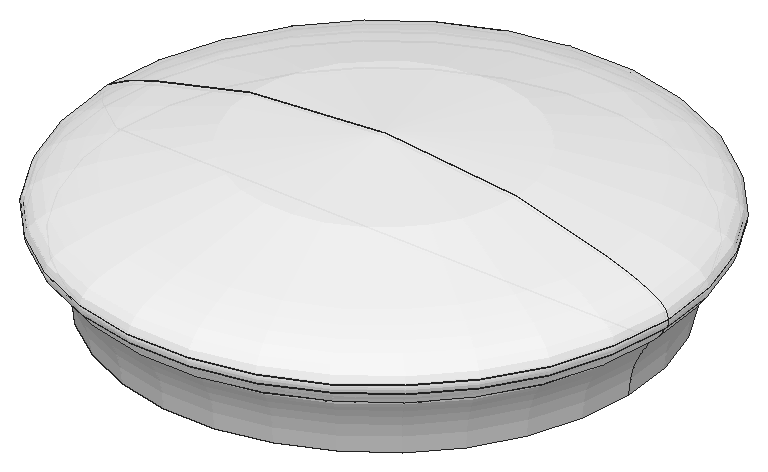
Revit family "0043409", category Lighting Devices, host Face, Revit 2023 (continued)
Definition of nested family "0043409_4000K_25W_lightsource"
  Parameters (values of type "START SURFACE IP54 2500-4000 830/840 lightsource")
    built-in parameter 1150142 = "IESNA:LM-63-2002\r\n[TEST] 20231016003M-01\r\n[TESTLAB] \r\n[TESTDATE] 16 Oct 2023\r\n[ISSUEDATE] 16 Oct 2023\r\n[MANUFAC] SYLVANIA\r\n[LUMCAT] 0043409\r\n[LUMINAIRE] START Surface IP44 Multip 4000lm 830 840-4000K 3µµ\r\n[FLASHAREA] 0.030401\r\n[LAMPCAT] LED\r\n[LAMP] LED\r\nTILT=NONE\r\n1 3000.00 1.0 181 4 1 2 -0.400 -0.400 0.000\r\n1.00 1.00 25.00\r\n0.00 1.00 2.00 3.00 4.00 5.00 6.00 7.00 8.00 9.00 10.00 \r\n11.00 12.00 13.00 14.00 15.00 16.00 17.00 18.00 19.00 \r\n20.00 21.00 22.00 23.00 24.00 25.00 26.00 27.00 28.00 \r\n29.00 30.00 31.00 32.00 33.00 34.00 35.00 36.00 37.00 \r\n38.00 39.00 40.00 41.00 42.00 43.00 44.00 45.00 46.00 \r\n47.00 48.00 49.00 50.00 51.00 52.00 53.00 54.00 55.00 \r\n56.00 57.00 58.00 59.00 60.00 61.00 62.00 63.00 64.00 \r\n65.00 66.00 67.00 68.00 69.00 70.00 71.00 72.00 73.00 \r\n74.00 75.00 76.00 77.00 78.00 79.00 80.00 81.00 82.00 \r\n83.00 84.00 85.00 86.00 87.00 88.00 89.00 90.00 91.00 \r\n92.00 93.00 94.00 95.00 96.00 97.00 98.00 99.00 100.00 \r\n101.00 102.00 103.00 104.00 105.00 106.00 107.00 108.00 \r\n109.00 110.00 111.00 112.00 113.00 114.00 115.00 116.00 \r\n117.00 118.00 119.00 120.00 121.00 122.00 123.00 124.00 \r\n125.00 126.00 127.00 128.00 129.00 130.00 131.00 132.00 \r\n133.00 134.00 135.00 136.00 137.00 138.00 139.00 140.00 \r\n141.00 142.00 143.00 144.00 145.00 146.00 147.00 148.00 \r\n149.00 150.00 151.00 152.00 153.00 154.00 155.00 156.00 \r\n157.00 158.00 159.00 160.00 161.00 162.00 163.00 164.00 \r\n165.00 166.00 167.00 168.00 169.00 170.00 171.00 172.00 \r\n173.00 174.00 175.00 176.00 177.00 178.00 179.00 180.00 \r\n0.00 30.00 60.00 90.00 \r\n719.70 719.70 719.40 719.10 718.80 718.20 717.30 716.70 \r\n715.50 714.30 712.80 711.30 709.80 708.00 705.90 703.50 \r\n701.10 698.40 695.70 692.70 689.40 686.10 682.50 678.90 \r\n675.30 671.10 666.90 662.40 657.30 652.50 647.40 642.00 \r\n636.30 630.60 624.90 618.60 612.30 606.00 599.10 592.20 \r\n585.60 578.70 570.90 563.10 555.00 546.90 538.80 530.10 \r\n521.40 512.40 503.40 493.80 484.50 474.90 465.00 455.10 \r\n444.90 434.70 424.20 414.30 403.50 392.70 382.20 371.10 \r\n360.60 349.50 338.70 327.60 316.80 305.70 294.99 284.37 \r\n273.54 262.89 252.57 242.31 232.17 222.39 212.91 203.49 \r\n194.40 185.79 177.36 169.29 161.46 154.02 146.79 139.92 \r\n133.44 127.35 121.86 116.67 112.08 107.58 103.65 99.96 \r\n96.51 93.39 90.57 87.90 85.50 83.40 81.51 79.77 78.24 \r\n76.80 75.54 74.55 73.59 72.75 71.88 71.04 70.29 69.51 \r\n68.70 67.95 67.17 66.42 65.61 64.86 64.14 63.36 62.52 \r\n61.59 60.66 59.70 58.74 57.75 56.79 55.80 54.78 53.79 \r\n52.68 51.60 50.49 49.50 48.45 47.40 46.29 45.15 44.04 \r\n42.90 41.64 40.44 39.45 38.52 37.65 36.78 35.82 34.98 \r\n34.08 33.24 32.43 31.77 31.14 30.48 30.42 30.54 30.42 \r\n29.71 28.87 27.95 27.27 26.52 25.64 24.81 23.93 22.60 \r\n21.33 20.09 18.71 17.13 15.24 12.99 11.18 9.78 8.88 7.24 \r\n5.67 5.66 5.66 \r\n719.70 719.70 719.40 719.10 718.80 718.20 717.60 716.70 \r\n715.80 714.30 713.10 711.90 710.10 708.30 706.20 704.10 \r\n701.40 699.00 696.30 693.30 690.30 687.00 683.40 679.80 \r\n675.90 672.00 667.50 663.00 658.20 653.40 648.30 642.90 \r\n637.50 631.80 625.80 619.80 613.50 606.90 600.30 593.10 \r\n586.20 578.70 571.20 563.40 555.30 547.20 538.50 530.10 \r\n521.40 512.40 503.40 493.80 484.50 474.90 465.30 455.10 \r\n445.20 435.00 424.50 414.60 404.10 393.30 382.50 371.70 \r\n360.90 350.10 339.00 327.90 317.10 306.00 295.65 285.30 \r\n274.95 264.48 253.89 243.93 234.06 224.49 215.04 205.74 \r\n196.80 188.16 179.67 171.30 163.26 155.55 147.96 140.88 \r\n134.31 128.19 122.52 117.39 112.59 108.24 104.25 100.50 \r\n97.17 94.11 91.26 88.62 86.28 84.24 82.26 80.43 78.87 \r\n77.43 76.11 75.03 73.98 72.99 72.09 71.34 70.65 70.02 \r\n69.45 68.91 68.40 67.86 67.35 66.84 66.36 65.85 65.28 \r\n64.74 64.20 63.66 63.12 62.58 62.01 61.44 60.90 60.33 \r\n59.70 59.01 58.26 57.48 56.70 55.83 54.96 54.03 53.13 \r\n52.20 51.24 50.28 49.32 48.39 47.40 46.47 45.60 44.85 \r\n44.07 43.08 41.97 40.95 39.84 38.16 36.66 35.31 34.02 \r\n32.82 31.62 30.48 29.19 27.93 26.56 25.34 24.21 22.96 \r\n21.61 19.85 18.02 16.13 14.52 14.05 12.23 10.08 8.35 6.23 \r\n5.75 5.73 5.70 \r\n719.70 720.00 719.70 719.70 719.10 718.50 717.90 717.30 \r\n716.40 715.20 714.30 712.80 711.30 709.80 707.70 705.60 \r\n703.50 701.10 698.10 695.40 692.40 689.10 685.80 682.20 \r\n678.60 674.70 670.50 666.30 661.50 656.70 651.60 646.20 \r\n641.10 635.40 629.70 623.40 617.40 611.10 604.50 597.60 \r\n590.70 583.80 577.20 569.40 561.30 553.20 544.80 536.40 \r\n527.70 519.00 509.70 500.40 491.10 481.50 471.90 461.70 \r\n451.80 441.60 431.40 421.20 410.70 400.20 389.40 378.30 \r\n367.80 356.70 345.90 334.80 324.00 313.20 302.10 291.36 \r\n280.62 269.97 259.74 249.51 239.73 229.98 220.71 211.44 \r\n202.32 193.65 184.80 176.31 167.79 159.57 151.53 143.97 \r\n137.16 130.65 124.71 119.19 114.15 109.50 105.18 101.34 \r\n97.71 94.41 91.50 88.77 86.25 84.00 82.02 80.16 78.51 \r\n76.92 75.57 74.40 73.32 72.36 71.43 70.65 69.90 69.18 \r\n68.58 67.98 67.41 66.90 66.36 65.85 65.34 64.86 64.38 \r\n63.84 63.39 62.91 62.43 61.92 61.41 60.96 60.51 60.06 \r\n59.55 58.98 58.32 57.63 56.88 56.07 55.29 54.42 53.46 \r\n52.50 51.51 50.52 49.53 48.51 47.49 46.47 45.45 44.40 \r\n43.47 42.57 41.70 40.71 39.60 38.19 36.60 34.83 32.91 \r\n31.23 29.95 28.96 28.13 27.10 25.85 24.32 22.63 20.93 \r\n19.29 17.66 16.06 14.94 14.25 14.21 12.87 9.77 7.40 6.20 \r\n5.67 5.67 5.67 \r\n719.70 719.70 719.70 719.70 719.40 718.80 718.20 717.60 \r\n716.70 715.80 714.90 713.40 711.90 710.40 708.60 706.50 \r\n704.40 701.70 699.30 696.60 693.60 690.30 687.30 683.70 \r\n680.10 676.20 672.00 667.50 663.00 658.50 653.40 648.30 \r\n642.90 637.50 631.80 625.80 619.50 613.20 606.60 599.70 \r\n592.80 585.60 578.10 570.30 562.50 554.40 546.30 537.90 \r\n529.20 520.50 511.50 501.90 492.60 483.00 473.40 463.80 \r\n453.90 443.70 433.20 423.00 412.50 402.00 391.20 380.10 \r\n369.60 358.80 347.70 336.60 325.80 314.70 303.90 293.40 \r\n282.96 272.79 262.14 251.88 241.71 232.05 222.78 213.60 \r\n204.81 195.99 187.32 178.59 170.19 161.88 153.63 145.74 \r\n138.60 131.94 125.61 119.79 114.66 109.86 105.39 101.40 \r\n97.59 94.23 91.11 88.23 85.56 83.22 81.12 79.17 77.37 \r\n75.84 74.40 73.14 72.03 70.98 69.93 68.97 68.13 67.35 \r\n66.54 65.64 64.92 64.14 63.45 62.61 61.77 60.93 60.09 \r\n59.22 58.38 57.48 56.55 55.62 54.66 53.76 52.89 52.02 \r\n51.12 50.31 49.50 48.78 48.00 47.22 46.53 45.75 44.97 \r\n44.19 43.32 42.18 41.01 39.84 38.67 37.56 36.54 35.64 \r\n34.65 33.78 32.85 31.86 30.96 30.06 29.13 28.22 27.29 \r\n26.21 25.30 24.30 23.29 22.34 21.26 20.26 19.50 18.95 \r\n18.03 16.73 15.24 13.57 12.62 12.83 12.11 10.24 8.22 6.63 \r\n5.73 5.69 5.67 \r\n"
    Model = "START SURFACE IP54 2500-4000 830/840 lightsource"
    Manufacturer = "Feilo Sylvania"
    built-in parameter 1150105 = 238.73 (stored number, unit not read)
    Lumens = 3000 lm
    built-in parameter 1150115 = 1 (stored number, unit not read)
    built-in parameter 1150137 = (empty or 0)
    built-in parameter 1150139 = (empty or 0)
    built-in parameter 1150112 = 1 (stored number, unit not read)
    built-in parameter 1150114 = 1 (stored number, unit not read)
    Lamp = "LED"
    Keynote = "16500"
    built-in parameter 1150132 = (empty or 0)
    built-in parameter 1150102 = 120
    built-in parameter 1150107 = 4000 (stored number, unit not read)
    built-in parameter 1150138 = (empty or 0)
    built-in parameter 1150106 = 2.3873 (stored number, unit not read)
    Emit from Circle Diameter = 400 mm  # constant formula
    Emit Shape Visible in Rendering = no
    built-in parameter 1150104 = 11.148 (stored number, unit not read)
    Dimming Lamp Color Temperature Shift = (empty or 0)
    Description = ""
    Default Elevation = 1219.2 mm
    Cost = 0
    Color Filter = 16777215
    built-in parameter 1114216 [instance] = (empty or 0)
    built-in parameter 1114218 = 1 (stored number, unit not read)
    built-in parameter 1150133 = 10 (stored number, unit not read)
    Assembly Code = "D5020200"
    Apparent Load = 0 VA
  Reference planes
    plane 1 "Center (Front/Back)": y = 0
    plane 2: z = 0
    plane 3 "Center (Left/Right)": x = 0
  Forms (mm)
    Extrusion 1, solid
      sketch origin (4.2, 0, 0) x (1, 0, 0) y (0, 1, 0)
        loop
          line (-1219.2, 1219.2) -> (-1219.2, -1219.2) -> (1219.2, -1219.2) -> (1219.2, 1219.2) -> (-1219.2, 1219.2)
      from 0 to -68.017
  Dimensions and locks
    aligned and locked: plane 2 to Extrusion 1
    aligned and locked: level to Extrusion 1
Definition of nested family "0043409_4000K_29W_lightsource"
  Parameters (values of type "START SURFACE IP54 2500-4000 830/840 lightsource")
    Wattage Comments = "n/a"
    Wattage = 29 W
    built-in parameter 1150110 = 1 (stored number, unit not read)
    URL = "http://www.sylvania-lighting.com"
    Type Image = (empty or 0)
    Type Comments = "n/a"
    built-in parameter 1114217 = 1 (stored number, unit not read)
    Tilt Angle = -90.00°
    built-in parameter 1150109 = 1 (stored number, unit not read)
    built-in parameter 1150134 = 12
    built-in parameter 1150113 = 1 (stored number, unit not read)
    Photometric Web File = "0043409_4000K_29W.IES"
    built-in parameter 1150142 = "IESNA:LM-63-2002\r\n[TEST] 20231016003M-01\r\n[TESTLAB] \r\n[TESTDATE] 16 Oct 2023\r\n[ISSUEDATE] 16 Oct 2023\r\n[MANUFAC] SYLVANIA\r\n[LUMCAT] 0043409\r\n[LUMINAIRE] START Surface IP44 Multip 4000lm 830 840-4000K-2µµ\r\n[FLASHAREA] 0.030401\r\n[LAMPCAT] LED\r\n[LAMP] LED\r\nTILT=NONE\r\n1 3500.00 1.0 181 4 1 2 -0.400 -0.400 0.000\r\n1.00 1.00 29.00\r\n0.00 1.00 2.00 3.00 4.00 5.00 6.00 7.00 8.00 9.00 10.00 \r\n11.00 12.00 13.00 14.00 15.00 16.00 17.00 18.00 19.00 \r\n20.00 21.00 22.00 23.00 24.00 25.00 26.00 27.00 28.00 \r\n29.00 30.00 31.00 32.00 33.00 34.00 35.00 36.00 37.00 \r\n38.00 39.00 40.00 41.00 42.00 43.00 44.00 45.00 46.00 \r\n47.00 48.00 49.00 50.00 51.00 52.00 53.00 54.00 55.00 \r\n56.00 57.00 58.00 59.00 60.00 61.00 62.00 63.00 64.00 \r\n65.00 66.00 67.00 68.00 69.00 70.00 71.00 72.00 73.00 \r\n74.00 75.00 76.00 77.00 78.00 79.00 80.00 81.00 82.00 \r\n83.00 84.00 85.00 86.00 87.00 88.00 89.00 90.00 91.00 \r\n92.00 93.00 94.00 95.00 96.00 97.00 98.00 99.00 100.00 \r\n101.00 102.00 103.00 104.00 105.00 106.00 107.00 108.00 \r\n109.00 110.00 111.00 112.00 113.00 114.00 115.00 116.00 \r\n117.00 118.00 119.00 120.00 121.00 122.00 123.00 124.00 \r\n125.00 126.00 127.00 128.00 129.00 130.00 131.00 132.00 \r\n133.00 134.00 135.00 136.00 137.00 138.00 139.00 140.00 \r\n141.00 142.00 143.00 144.00 145.00 146.00 147.00 148.00 \r\n149.00 150.00 151.00 152.00 153.00 154.00 155.00 156.00 \r\n157.00 158.00 159.00 160.00 161.00 162.00 163.00 164.00 \r\n165.00 166.00 167.00 168.00 169.00 170.00 171.00 172.00 \r\n173.00 174.00 175.00 176.00 177.00 178.00 179.00 180.00 \r\n0.00 30.00 60.00 90.00 \r\n836.50 836.15 836.15 835.80 835.10 834.40 834.05 833.00 \r\n831.95 830.55 828.80 827.05 825.30 823.20 821.10 818.30 \r\n815.85 812.70 809.55 806.40 802.55 798.70 794.85 790.65 \r\n786.45 781.55 776.65 771.40 766.15 760.20 754.60 748.30 \r\n742.00 735.70 728.70 721.70 714.35 706.65 698.95 691.25 \r\n682.85 674.45 665.70 656.60 647.50 638.05 628.60 619.15 \r\n609.00 599.20 589.40 578.20 567.35 556.50 544.95 533.75 \r\n521.85 510.30 498.40 486.15 473.90 461.65 449.40 436.80 \r\n424.20 411.60 399.00 386.05 373.45 360.85 348.18 335.72 \r\n323.26 310.90 298.65 286.62 274.71 263.31 251.96 240.94 \r\n230.34 220.22 210.21 200.62 191.31 182.59 174.13 165.83 \r\n158.24 150.92 144.41 138.11 132.54 127.19 122.47 117.98 \r\n113.89 110.18 106.68 103.46 100.66 98.04 95.66 93.59 \r\n91.77 90.09 88.55 87.19 86.00 84.91 83.96 83.02 82.08 \r\n81.20 80.25 79.31 78.40 77.49 76.58 75.70 74.73 73.78 \r\n72.83 71.79 70.77 69.65 68.53 67.38 66.29 65.10 63.91 \r\n62.72 61.50 60.20 58.98 57.75 56.56 55.30 54.00 52.75 \r\n51.45 50.12 48.69 47.22 46.06 45.01 44.00 42.95 41.90 \r\n40.84 39.87 38.88 37.98 37.24 36.47 35.73 35.56 35.66 \r\n35.59 34.78 33.77 32.80 32.00 31.12 30.08 29.10 28.05 \r\n26.52 25.03 23.55 21.95 20.04 17.86 15.20 13.15 11.50 \r\n10.44 8.50 6.62 6.62 6.62 \r\n836.50 836.15 836.15 835.80 835.45 834.75 834.05 833.00 \r\n831.95 830.55 829.15 827.40 825.65 823.55 821.45 819.00 \r\n816.20 813.05 809.90 806.75 803.25 799.40 795.55 791.35 \r\n786.80 782.25 777.35 772.10 766.50 760.90 755.30 749.00 \r\n742.70 736.40 729.40 722.05 715.05 707.70 699.65 691.60 \r\n683.55 675.15 666.40 657.30 647.85 638.40 628.95 619.15 \r\n609.00 598.50 588.00 577.50 566.30 555.45 543.90 532.70 \r\n521.15 508.90 497.00 485.10 472.85 460.60 448.35 435.40 \r\n422.80 410.55 397.95 385.00 372.40 359.80 347.03 334.32 \r\n321.75 309.64 298.13 286.62 275.10 263.65 252.88 241.99 \r\n231.59 221.27 211.47 201.67 192.22 183.09 174.23 165.87 \r\n158.16 150.88 144.27 138.18 132.51 127.33 122.50 118.16 \r\n114.13 110.42 107.10 103.95 101.12 98.56 96.29 94.15 \r\n92.26 90.48 88.90 87.57 86.34 85.23 84.17 83.23 82.39 \r\n81.62 80.95 80.33 79.69 79.17 78.54 77.94 77.35 76.72 \r\n76.13 75.50 74.87 74.27 73.64 72.98 72.34 71.64 71.02 \r\n70.35 69.58 68.74 67.90 67.02 66.08 65.13 64.16 63.07 \r\n61.98 60.90 59.78 58.66 57.57 56.49 55.34 54.25 53.16 \r\n52.22 51.31 50.23 49.00 47.74 46.48 44.45 42.73 41.23 \r\n39.79 38.40 36.96 35.59 34.17 32.69 31.11 29.63 28.31 \r\n26.87 25.26 23.31 21.19 18.98 16.97 16.44 14.29 11.80 \r\n9.77 7.27 6.71 6.67 6.66 \r\n836.50 836.50 836.15 836.15 835.80 835.45 834.75 833.70 \r\n832.65 831.60 830.20 828.45 826.70 824.95 822.50 820.05 \r\n817.60 814.80 812.00 808.50 805.00 801.15 797.30 793.45 \r\n789.25 784.70 779.80 774.55 769.30 763.70 757.75 751.80 \r\n745.50 739.20 732.55 725.55 718.55 710.85 703.15 695.45 \r\n687.40 678.65 669.90 661.50 652.05 642.95 633.50 623.70 \r\n613.55 603.40 593.60 582.75 571.90 561.40 549.85 538.30 \r\n526.75 514.85 502.95 491.05 478.80 466.55 453.95 441.35 \r\n429.10 416.15 403.90 390.95 378.35 365.40 352.80 340.06 \r\n327.60 315.18 303.10 291.44 279.86 268.63 257.63 246.71 \r\n236.32 225.96 215.84 205.76 196.03 186.45 176.92 168.35 \r\n160.34 152.67 145.78 139.37 133.53 128.03 123.06 118.44 \r\n114.24 110.42 106.89 103.70 100.77 98.07 95.69 93.45 \r\n91.56 89.77 88.20 86.73 85.44 84.17 83.19 82.25 81.41 \r\n80.61 79.94 79.20 78.58 77.88 77.25 76.65 76.06 75.53 \r\n74.97 74.41 73.81 73.29 72.69 72.10 71.54 70.98 70.45 \r\n69.93 69.33 68.67 67.90 67.09 66.22 65.24 64.23 63.25 \r\n62.16 61.07 59.92 58.70 57.50 56.35 55.16 54.00 52.81 \r\n51.70 50.61 49.56 48.54 47.35 46.13 44.48 42.56 40.50 \r\n38.32 36.33 34.90 33.72 32.76 31.60 30.08 28.32 26.37 \r\n24.30 22.39 20.57 18.72 17.43 16.64 16.59 15.02 11.39 \r\n8.67 7.26 6.62 6.62 6.62 \r\n836.50 836.50 836.15 836.15 835.80 835.10 834.75 834.05 \r\n833.00 831.95 830.55 829.15 827.40 825.30 823.20 820.75 \r\n818.30 815.50 812.70 809.55 806.05 802.55 798.35 794.15 \r\n790.30 785.75 780.85 775.95 770.35 765.10 759.15 753.20 \r\n746.90 740.60 733.95 726.95 719.60 712.25 704.20 696.50 \r\n688.45 680.40 671.65 662.55 653.45 644.35 634.55 624.75 \r\n614.60 604.45 594.30 583.45 572.60 561.40 550.20 539.00 \r\n527.10 515.55 503.30 491.40 479.15 466.90 454.65 442.05 \r\n429.45 416.85 404.25 391.30 378.35 366.10 352.80 340.48 \r\n327.91 315.53 303.80 292.07 280.38 269.22 258.34 247.69 \r\n237.41 227.22 217.03 207.03 197.09 187.46 177.87 168.95 \r\n160.65 152.99 145.81 139.13 133.11 127.50 122.50 117.71 \r\n113.43 109.44 105.88 102.52 99.50 96.74 94.25 92.05 90.06 \r\n88.13 86.48 85.02 83.69 82.50 81.31 80.29 79.31 78.30 \r\n77.35 76.37 75.46 74.58 73.67 72.77 71.82 70.88 69.89 \r\n68.95 68.00 66.95 65.87 64.71 63.70 62.65 61.67 60.65 \r\n59.64 58.63 57.64 56.73 55.82 54.91 54.07 53.23 52.29 \r\n51.41 50.44 49.03 47.71 46.41 45.01 43.78 42.63 41.54 \r\n40.43 39.41 38.36 37.24 36.19 35.10 34.01 32.90 31.77 \r\n30.47 29.42 28.26 27.11 26.00 24.73 23.57 22.71 22.06 \r\n21.01 19.50 17.78 15.81 14.70 14.97 14.12 11.95 9.61 7.75 \r\n6.70 6.65 6.63 \r\n"
    Model = "START SURFACE IP54 2500-4000 830/840 lightsource"
    Manufacturer = "Feilo Sylvania"
    built-in parameter 1150105 = 276.93 (stored number, unit not read)
    Lumens = 3480 lm
    built-in parameter 1150115 = 1 (stored number, unit not read)
    built-in parameter 1150137 = (empty or 0)
    built-in parameter 1150139 = (empty or 0)
    built-in parameter 1150112 = 1 (stored number, unit not read)
    built-in parameter 1150114 = 1 (stored number, unit not read)
    Lamp = "LED"
    Keynote = "16500"
    built-in parameter 1150132 = (empty or 0)
    built-in parameter 1150102 = 120
    built-in parameter 1150107 = 4000 (stored number, unit not read)
    built-in parameter 1150138 = (empty or 0)
    built-in parameter 1150106 = 2.7693 (stored number, unit not read)
    Emit from Circle Diameter = 400 mm  # constant formula
    Emit Shape Visible in Rendering = no
    built-in parameter 1150104 = 11.148 (stored number, unit not read)
    Dimming Lamp Color Temperature Shift = (empty or 0)
    Description = ""
    Default Elevation = 1219.2 mm
    Cost = 0
    Color Filter = 16777215
    built-in parameter 1114216 [instance] = (empty or 0)
    built-in parameter 1114218 = 1 (stored number, unit not read)
    built-in parameter 1150133 = 10 (stored number, unit not read)
    Assembly Code = "D5020200"
    Apparent Load = 0 VA
  Reference planes
    plane 1 "Center (Front/Back)": y = 0
    plane 2: z = 0
    plane 3 "Center (Left/Right)": x = 0
  Forms (mm)
    Extrusion 1, solid
      sketch origin (4.2, 0, 0) x (1, 0, 0) y (0, 1, 0)
        loop
          line (-1219.2, 1219.2) -> (-1219.2, -1219.2) -> (1219.2, -1219.2) -> (1219.2, 1219.2) -> (-1219.2, 1219.2)
      from 0 to -68.017
  Dimensions and locks
    aligned and locked: plane 2 to Extrusion 1
    aligned and locked: level to Extrusion 1
Definition of nested family "0043409_4000K_33W_lightsource"
  Parameters (values of type "START SURFACE IP54 2500-4000 830/840 lightsource")
    Wattage Comments = "n/a"
    Wattage = 33 W
    built-in parameter 1150110 = 1 (stored number, unit not read)
    URL = "http://www.sylvania-lighting.com"
    Type Image = (empty or 0)
    Type Comments = "n/a"
    built-in parameter 1114217 = 1 (stored number, unit not read)
    Tilt Angle = -90.00°
    built-in parameter 1150109 = 1 (stored number, unit not read)
    built-in parameter 1150134 = 12
    built-in parameter 1150113 = 1 (stored number, unit not read)
    Photometric Web File = "0043409_4000K_33W.IES"
    built-in parameter 1150142 = "IESNA:LM-63-2002\r\n[TEST] 20231016003M-01\r\n[TESTLAB] \r\n[TESTDATE] 16 Oct 2023\r\n[ISSUEDATE] 16 Oct 2023\r\n[MANUFAC] SYLVANIA\r\n[LUMCAT] 0043409\r\n[LUMINAIRE] START Surface IP44 Multip 4000lm 830 840-4000K-1µµ\r\n[FLASHAREA] 0.030401\r\n[LAMPCAT] LED\r\n[LAMP] LED\r\nTILT=NONE\r\n1 4000.00 1.0 181 4 1 2 -0.400 -0.400 0.000\r\n1.00 1.00 33.00\r\n0.00 1.00 2.00 3.00 4.00 5.00 6.00 7.00 8.00 9.00 10.00 \r\n11.00 12.00 13.00 14.00 15.00 16.00 17.00 18.00 19.00 \r\n20.00 21.00 22.00 23.00 24.00 25.00 26.00 27.00 28.00 \r\n29.00 30.00 31.00 32.00 33.00 34.00 35.00 36.00 37.00 \r\n38.00 39.00 40.00 41.00 42.00 43.00 44.00 45.00 46.00 \r\n47.00 48.00 49.00 50.00 51.00 52.00 53.00 54.00 55.00 \r\n56.00 57.00 58.00 59.00 60.00 61.00 62.00 63.00 64.00 \r\n65.00 66.00 67.00 68.00 69.00 70.00 71.00 72.00 73.00 \r\n74.00 75.00 76.00 77.00 78.00 79.00 80.00 81.00 82.00 \r\n83.00 84.00 85.00 86.00 87.00 88.00 89.00 90.00 91.00 \r\n92.00 93.00 94.00 95.00 96.00 97.00 98.00 99.00 100.00 \r\n101.00 102.00 103.00 104.00 105.00 106.00 107.00 108.00 \r\n109.00 110.00 111.00 112.00 113.00 114.00 115.00 116.00 \r\n117.00 118.00 119.00 120.00 121.00 122.00 123.00 124.00 \r\n125.00 126.00 127.00 128.00 129.00 130.00 131.00 132.00 \r\n133.00 134.00 135.00 136.00 137.00 138.00 139.00 140.00 \r\n141.00 142.00 143.00 144.00 145.00 146.00 147.00 148.00 \r\n149.00 150.00 151.00 152.00 153.00 154.00 155.00 156.00 \r\n157.00 158.00 159.00 160.00 161.00 162.00 163.00 164.00 \r\n165.00 166.00 167.00 168.00 169.00 170.00 171.00 172.00 \r\n173.00 174.00 175.00 176.00 177.00 178.00 179.00 180.00 \r\n0.00 30.00 60.00 90.00 \r\n957.60 957.20 957.20 956.80 956.00 955.20 954.40 953.60 \r\n952.00 950.40 948.80 946.80 944.40 942.00 939.60 936.80 \r\n933.60 930.00 926.40 922.40 918.40 914.00 909.60 904.80 \r\n899.60 894.00 888.40 882.40 876.40 869.60 863.20 856.40 \r\n848.80 841.20 833.60 825.20 816.80 808.40 799.60 790.00 \r\n780.80 770.80 760.80 750.80 740.00 729.20 718.00 706.80 \r\n695.20 683.60 671.60 658.80 646.80 634.40 621.60 608.80 \r\n595.60 582.00 568.40 554.80 540.80 526.40 512.40 498.00 \r\n483.60 469.20 454.80 440.00 425.60 411.20 396.64 382.32 \r\n368.00 353.84 340.04 326.48 313.00 299.80 286.88 274.32 \r\n261.92 250.36 238.84 228.04 217.40 207.36 197.72 188.40 \r\n179.76 171.52 164.16 157.20 150.76 144.76 139.32 134.40 \r\n129.72 125.44 121.52 117.88 114.64 111.80 109.04 106.64 \r\n104.64 102.76 101.04 99.56 98.20 97.00 95.80 94.72 93.64 \r\n92.64 91.64 90.60 89.56 88.60 87.60 86.60 85.60 84.60 \r\n83.48 82.32 81.16 79.88 78.64 77.36 76.04 74.72 73.36 \r\n71.96 70.52 69.08 67.64 66.28 64.88 63.44 62.00 60.48 \r\n59.00 57.48 55.76 54.08 52.64 51.40 50.28 49.08 47.80 \r\n46.72 45.52 44.48 43.48 42.56 41.72 40.84 40.72 40.84 \r\n40.68 39.72 38.59 37.40 36.46 35.47 34.28 33.17 31.91 \r\n30.20 28.52 26.78 24.85 22.73 20.30 17.32 14.95 13.10 \r\n11.92 9.72 7.62 7.59 7.59 \r\n957.60 957.60 957.20 956.80 956.40 955.60 954.80 953.60 \r\n952.00 950.80 949.20 947.20 944.80 942.80 940.00 937.20 \r\n934.00 930.80 927.20 923.60 919.60 915.20 910.80 906.00 \r\n900.80 895.20 890.00 884.00 877.60 871.20 864.80 857.60 \r\n850.40 843.20 835.20 826.80 818.80 810.00 800.80 791.60 \r\n782.40 772.80 762.40 752.40 742.00 731.20 720.00 708.40 \r\n697.20 685.20 673.20 660.40 648.00 635.60 622.80 609.60 \r\n596.00 582.40 568.80 554.80 541.20 526.80 512.40 498.00 \r\n484.00 469.20 454.80 440.00 425.60 411.20 396.80 382.32 \r\n368.20 354.04 339.92 326.20 312.76 300.28 287.84 275.64 \r\n263.68 251.92 240.52 229.48 218.60 208.16 198.32 188.96 \r\n180.36 172.32 164.84 157.88 151.56 145.52 139.96 135.08 \r\n130.44 126.24 122.28 118.64 115.44 112.44 109.84 107.40 \r\n105.32 103.24 101.40 99.88 98.48 97.28 96.16 95.12 94.12 \r\n93.32 92.52 91.84 91.20 90.44 89.80 89.20 88.56 87.92 \r\n87.16 86.48 85.72 85.00 84.28 83.52 82.80 82.08 81.28 \r\n80.52 79.56 78.72 77.80 76.84 75.80 74.72 73.52 72.36 \r\n71.12 69.84 68.60 67.36 66.12 64.92 63.60 62.44 61.24 \r\n60.12 59.08 57.88 56.44 55.00 53.40 51.16 49.20 47.40 \r\n45.76 44.24 42.60 41.12 39.45 37.83 36.06 34.34 32.80 \r\n31.16 29.33 27.01 24.57 22.05 19.66 18.94 16.50 13.64 \r\n11.24 8.28 7.71 7.68 7.65 \r\n957.60 957.60 957.20 957.20 956.80 956.40 955.20 954.40 \r\n953.20 952.00 950.40 948.40 946.00 943.60 941.60 938.40 \r\n935.60 932.00 928.80 925.20 920.80 916.80 912.40 907.60 \r\n902.40 897.20 891.60 885.60 879.60 873.20 866.80 860.00 \r\n852.80 845.20 837.60 829.60 821.20 812.40 803.60 794.40 \r\n785.20 775.60 765.20 755.60 744.80 734.00 722.80 711.60 \r\n700.40 688.40 676.40 664.00 651.60 639.60 626.40 614.00 \r\n602.40 588.40 574.40 560.40 546.40 532.00 518.00 503.60 \r\n489.20 474.80 460.00 445.60 430.80 416.80 402.00 387.40 \r\n373.24 359.52 345.60 332.28 318.88 306.28 293.60 281.36 \r\n269.36 257.68 246.08 234.60 223.40 212.48 201.84 191.80 \r\n182.56 174.00 166.04 158.76 152.12 145.88 140.20 135.00 \r\n130.16 125.88 122.00 118.32 115.04 112.16 109.36 106.88 \r\n104.64 102.72 100.92 99.36 97.80 96.48 95.24 94.24 93.28 \r\n92.36 91.52 90.76 89.96 89.24 88.56 87.84 87.16 86.52 \r\n85.92 85.32 84.56 84.00 83.32 82.60 82.00 81.36 80.76 \r\n80.16 79.44 78.68 77.76 76.80 75.76 74.72 73.68 72.52 \r\n71.28 69.96 68.72 67.36 66.00 64.64 63.28 61.96 60.60 \r\n59.32 58.12 56.92 55.76 54.40 52.84 50.96 48.84 46.44 \r\n43.92 41.64 39.86 38.61 37.52 36.09 34.46 32.46 30.22 \r\n27.84 25.60 23.42 21.36 19.90 18.99 18.95 17.18 13.08 \r\n10.01 8.39 7.61 7.60 7.60 \r\n957.60 957.60 957.60 957.20 956.80 956.40 955.60 954.80 \r\n953.60 952.40 950.80 948.80 946.80 944.80 942.40 939.60 \r\n936.80 933.60 930.00 926.40 922.40 918.40 914.00 909.20 \r\n904.00 899.20 893.60 887.60 881.60 875.20 868.40 862.00 \r\n854.80 847.60 839.60 832.00 823.60 814.80 806.00 797.20 \r\n787.60 778.00 768.00 758.00 747.60 737.20 726.00 714.80 \r\n703.20 691.20 679.20 666.80 654.80 642.00 628.80 615.60 \r\n602.40 589.20 575.60 562.00 548.00 534.00 519.20 504.80 \r\n490.40 476.00 461.60 446.80 432.40 418.00 403.20 388.96 \r\n374.56 360.52 346.24 332.52 319.24 307.24 295.24 283.28 \r\n271.48 259.80 248.20 236.88 225.56 214.60 203.76 193.36 \r\n183.76 174.88 166.60 159.04 152.08 145.84 139.92 134.52 \r\n129.60 125.12 121.08 117.20 113.88 110.80 107.84 105.32 \r\n103.08 101.00 99.04 97.44 95.96 94.56 93.24 92.08 90.96 \r\n89.88 88.84 87.72 86.68 85.68 84.64 83.56 82.48 81.32 \r\n80.28 79.20 78.16 76.88 75.56 74.32 73.12 71.96 70.72 \r\n69.56 68.44 67.28 66.20 65.20 64.20 63.16 62.16 61.16 \r\n60.08 59.04 57.84 56.32 54.76 53.28 51.68 50.24 48.92 \r\n47.72 46.56 45.52 44.32 42.84 41.60 40.32 39.06 37.78 \r\n36.50 35.00 33.71 32.43 31.05 29.78 28.33 27.03 26.03 \r\n25.28 24.07 22.37 20.43 18.22 16.84 17.16 16.19 13.73 \r\n11.02 8.89 7.68 7.63 7.61 \r\n"
    Model = "START SURFACE IP54 2500-4000 830/840 lightsource"
    Manufacturer = "Feilo Sylvania"
    built-in parameter 1150105 = 315.13 (stored number, unit not read)
    Lumens = 3960 lm
    built-in parameter 1150115 = 1 (stored number, unit not read)
    built-in parameter 1150137 = (empty or 0)
    built-in parameter 1150139 = (empty or 0)
    built-in parameter 1150112 = 1 (stored number, unit not read)
    built-in parameter 1150114 = 1 (stored number, unit not read)
    Lamp = "LED"
    Keynote = "16500"
    built-in parameter 1150132 = (empty or 0)
    built-in parameter 1150102 = 120
    built-in parameter 1150107 = 4000 (stored number, unit not read)
    built-in parameter 1150138 = (empty or 0)
    built-in parameter 1150106 = 3.1513 (stored number, unit not read)
    Emit from Circle Diameter = 400 mm  # constant formula
    Emit Shape Visible in Rendering = no
    built-in parameter 1150104 = 11.148 (stored number, unit not read)
    Dimming Lamp Color Temperature Shift = (empty or 0)
    Description = ""
    Default Elevation = 1219.2 mm
    Cost = 0
    Color Filter = 16777215
    built-in parameter 1114216 [instance] = (empty or 0)
    built-in parameter 1114218 = 1 (stored number, unit not read)
    built-in parameter 1150133 = 10 (stored number, unit not read)
    Assembly Code = "D5020200"
    Apparent Load = 0 VA
  Reference planes
    plane 1 "Center (Front/Back)": y = 0
    plane 2: z = 0
    plane 3 "Center (Left/Right)": x = 0
  Forms (mm)
    Extrusion 1, solid
      sketch origin (4.2, 0, 0) x (1, 0, 0) y (0, 1, 0)
        loop
          line (-1219.2, 1219.2) -> (-1219.2, -1219.2) -> (1219.2, -1219.2) -> (1219.2, 1219.2) -> (-1219.2, 1219.2)
      from 0 to -68.017
  Dimensions and locks
    aligned and locked: plane 2 to Extrusion 1
    aligned and locked: level to Extrusion 1
